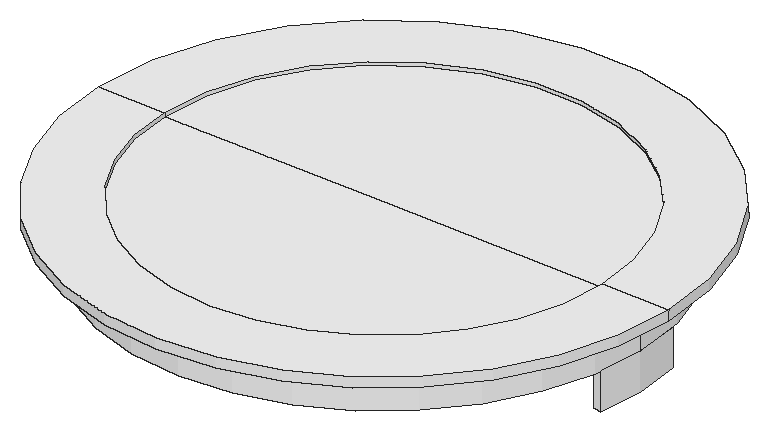
Revit family "0053895 Sylvania Lighting Fixture START eco Downlight Flat 1000lm 840 DIM", category Lighting Fixtures, host Face, Revit 2016
Family settings
  Host = Face
  Part Type = Normal
  Round Connector Dimension = Use Diameter
  OmniClass Number = 23.80.70.11.14.11
  OmniClass Title = Downlights
  Cut with Voids When Loaded = No
  Light Source = Yes
  Shared = No
  Room Calculation Point = No
Parameters (values of type "0053895 START eco Downlight Flat 1000lm 840 DIM ")
  Weight = "6.912 kg"
  Wattage Comments = "n/a"
  Wattage = 13 W
  WarrantyStartDate [instance] = "n/a"
  WarrantyGuarantorParts = "n/a"
  WarrantyDurationUnit = "year"
  WarrantyDurationParts = "n/a"
  WarrantyDescription = "n/a"
  built-in parameter 1150110 = 1 (stored number, unit not read)
  Voltage = 230 V
  URL = "http://www.feilosylvania.com"
  TypeName = "START eco Downlight Flat 1000lm 840 DIM"
  Type Image = <None>
  Type Comments = "n/a"
  built-in parameter 1114217 = 1 (stored number, unit not read)
  Tilt Angle = -90.00°
  built-in parameter 1150109 = 1 (stored number, unit not read)
  built-in parameter 1150134 = 12
  built-in parameter 1150113 = 1 (stored number, unit not read)
  SpringMountStartAngle_FEILO = -SpringMountEndAngle_FEILO  # -10.00°
  SpringMountEndAngle_FEILO = 10.00°
  SerialNumber [instance] = "n/a"
  ReflectorMaterial = none
  RecessedHeight_FEILO = 22 mm
  RecessedDiameter_FEILO = 155 mm
  PowerFactor = 0
  PowerConsumption = "13 W"
  Photometric Web File = "0053313.ies"
  NominalLength = 172 mm
  NominalHeight = 22 mm
  NominalDepth = 172 mm
  Name = "START eco Downlight Flat 1000lm 840 DIM"
  ModelReference = Name  # "START eco Downlight Flat 1000lm 840 DIM"
  ModelNumber = "0053895"
  Model = Name  # "START eco Downlight Flat 1000lm 840 DIM"
  Material = "Aluminium"
  ManufacturerName = "Feilo Sylvania"
  Manufacturer = "Feilo Sylvania"
  LuminousEfficacy = "91.54 lm/W"
  built-in parameter 1150105 = 94.699 (stored number, unit not read)
  Lumens = 1190.02 lm
  LuminaireType = "LED recessed downlight"
  built-in parameter 1150115 = 1 (stored number, unit not read)
  LightOutputRatio = "1"
  built-in parameter 1150137 = (empty or 0)
  built-in parameter 1150139 = (empty or 0)
  LampsType = Lamp  # "LED"
  LampNominalLuminous = "1190 lm"
  LampMacAdamStep = "n/a"
  LampColourTemperature = "4000 K"
  LampColourRenderingIndex = "80"
  built-in parameter 1150112 = 1 (stored number, unit not read)
  built-in parameter 1150114 = 1 (stored number, unit not read)
  Lamp = "LED"
  Keynote = "16500"
  InstallationDate [instance] = "n/a"
  InputVoltage = "220-240V~"
  InputNominalFrequency = "50/60 Hz"
  built-in parameter 1150132 = (empty or 0)
  built-in parameter 1150102 = (empty or 0)
  built-in parameter 1150107 = 4000 (stored number, unit not read)
  built-in parameter 1150138 = (empty or 0)
  IngressProtection = "IP44"
  ImpactProtectionIndex = "IK06"
  built-in parameter 1150106 = 0.94699 (stored number, unit not read)
  IfcExportType = "IfcLightFixtureType"
  IfcExportAs = "IfcLightFixtureType"
  ExpectedLife = 50000
  Emit from Circle Diameter = 132 mm
  Emit Shape Visible in Rendering = no
  ElectricShockClassification = "Class II"
  built-in parameter 1150104 = 8.5043 (stored number, unit not read)
  DurationUnit = "hours"
  DocumentationLiterature = "http://www.feilosylvania.com/product/en-int/products/0053313"
  DimmingControlOptions = "Dimmable"
  Dimming Lamp Color Temperature Shift = <None>
  DiffuserMaterial = Diffuser-Sylvania-Glow
  Description = "Integrated LED recessed downlight providing 1190 fixture lumens at a wattage of 13W giving a high efficacy of 92lm/W. Fitting includes Leading/Trailing edge phase dimmable driver and has a round ceiling cut out of 155mm with an IP20 and IK02 rating providing uniform distribution with an Opal diffuser and 110° beam angle. Provided including a Loop in Loop out box and built Built white aluminium housing."
  Default Elevation = 1219.2 mm
  CutoutHeight_FEILO = RecessedHeight_FEILO + 10 mm  # 32 mm
  CreatedOn = "'03-11-2017"
  CreatedBy = "aron.fodor@feilosylvania.com"
  Cost = 0
  Color Filter = 16777215
  built-in parameter 1114216 [instance] = (empty or 0)
  ClassificationValue = "EF_70_80"
  ClassificationName = "Uniclass2015"
  BodyWidth_FEILO = 172 mm
  BodyMaterial = Body-Sylvania-SylFlatDimmable-White
  BodyLength_FEILO = 172 mm
  BodyHeight_FEILO = 11 mm
  BarCode [instance] = "n/a"
  built-in parameter 1114218 = 1 (stored number, unit not read)
  built-in parameter 1150133 = 10 (stored number, unit not read)
  AssetType = "Fixed"
  AssetIdentifier [instance] = "n/a"
  Assembly Code = "D5020200"
  Apparent Load = 0 VA
  AccessoryMaterial = Diffuser-Sylvania-Glow
Reference planes
  plane 1 "Center (Front/Back)": y = 0
  plane 2: z = 0
  plane 3 "Center (Left/Right)": x = 0
  plane 4: x = 86
  plane 5: x = -86
  plane 6: y = 86
  plane 7: y = -86
  plane 8: z = 3
  plane 9: z = -22
  plane 10: x = 77.5
  plane 11: x = -77.5
  plane 12: y = 77.5
  plane 13: y = -77.5
  plane 14: z = 2
  plane 15: x = -66
  plane 16: z = -11
  plane 17: x = -75
  plane 18: x = 75
  plane 19: z = -32
Forms (mm)
  Revolve 1, solid, material "Body-Sylvania-SylFlatDimmable-White" <- "BodyMaterial"
    sketch origin (0, 0, 0) x (1, 0, 0) y (0, 0, 1)
      loop
        line (0, -11) -> (0, 2) -> (-66, 2) -> (-66, 3) -> (-86, 3) -> (-86, 0) -> (-77.5, 0) -> (-77.5, -11) -> (0, -11)
      axis (0, 3) -> (0, -11)
    angle from 360 to 0
  Revolve 2, solid, material "Body-Sylvania-SylFlatDimmable-White" <- "BodyMaterial"
    sketch origin (0.654, 0, 0) x (1, 0, 0) y (0, 0, 1)
      loop
        line (-78.154, -11) -> (-78.154, -22) -> (-75.654, -22) -> (-75.654, -11) -> (-78.154, -11)
      axis (-0.654, -11) -> (-0.654, -22)
    angle from -10 <- "SpringMountStartAngle_FEILO" to 10 <- "SpringMountEndAngle_FEILO"
  Revolve 3, solid, material "Body-Sylvania-SylFlatDimmable-White" <- "BodyMaterial"
    sketch origin (0, 0, 0) x (1, 0, 0) y (0, 0, 1)
      loop
        line (77.5, -11) -> (75, -11) -> (75, -22) -> (77.5, -22) -> (77.5, -11)
      axis (0, -11) -> (0, -22)
    angle from -10 <- "SpringMountStartAngle_FEILO" to 10 <- "SpringMountEndAngle_FEILO"
  Revolve 4, void
    sketch origin (0, 0, 0) x (1, 0, 0) y (0, 0, 1)
      loop
        line (0, 0) -> (-77.5, 0) -> (-77.5, -32) -> (0, -32) -> (0, 0)
      axis (0, 0) -> (0, -32)
    angle from 360 to 0
Cuts and joins
  joined: Revolve 1, Revolve 2, Revolve 3
Dimensions and locks
  equal spacing: plane 5, plane 3 "Center (Left/Right)", plane 4
  equal spacing: plane 7, plane 1 "Center (Front/Back)", plane 6
  "BodyWidth_FEILO": plane 7 to plane 6
  "BodyLength_FEILO": plane 5 to plane 4
  "RecessedHeight_FEILO": plane 2 to plane 9
  locked: plane 8 to plane 2 at 3
  equal spacing: plane 11, plane 3 "Center (Left/Right)", plane 10
  "RecessedDiameter_FEILO": plane 11 to plane 10
  equal spacing: plane 13, plane 1 "Center (Front/Back)", plane 12
  "RecessedDiameter_FEILO": plane 13 to plane 12
  locked: plane 14 to plane 2 at 2
  locked: plane 15 to plane 5 at 20
  "BodyHeight_FEILO": plane 2 to plane 16
  equal spacing: plane 18, plane 3 "Center (Left/Right)", plane 17
  locked: plane 17 to plane 11 at 2.5
  "CutoutHeight_FEILO": plane 2 to plane 19
  aligned and locked: plane 2 to host face
  aligned and locked: level to host face
  aligned and locked: plane 3 "Center (Left/Right)" to Revolve 1 sketch curve
  aligned and locked: Revolve 1 sketch curve to plane 14
  aligned and locked: plane 15 to Revolve 1 sketch curve
  aligned and locked: Revolve 1 sketch curve to plane 8
  aligned and locked: Revolve 1 sketch curve to plane 5
  aligned and locked: Revolve 1 sketch curve to plane 11
  aligned and locked: Revolve 1 sketch curve to plane 3 "Center (Left/Right)"
  aligned and locked: Revolve 1 sketch curve to level
  aligned and locked: plane 16 to Revolve 1 sketch curve
  aligned and locked: Revolve 2 sketch curve to Revolve 1  (x2)
  aligned and locked: Revolve 2 sketch curve to plane 9
  aligned and locked: Revolve 2 sketch curve to plane 17
  aligned and locked: Revolve 2 sketch curve to plane 3 "Center (Left/Right)"
  aligned and locked: Revolve 3 sketch curve to plane 3 "Center (Left/Right)"
  aligned and locked: Revolve 3 sketch curve to Revolve 1  (x2)
  aligned and locked: plane 9 to Revolve 3 sketch curve
  aligned and locked: Revolve 3 sketch curve to plane 18
  aligned and locked: Revolve 4 sketch curve to plane 3 "Center (Left/Right)"
  aligned and locked: plane 19 to Revolve 4 sketch curve
  aligned and locked: plane 3 "Center (Left/Right)" to Revolve 4 sketch curve
  aligned and locked: Revolve 4 sketch curve to plane 11
  aligned and locked: level to Revolve 4 sketch curve
  aligned and locked: imposter light to plane 14
  aligned and locked: plane 3 "Center (Left/Right)" to imposter light
  aligned and locked: imposter light to plane 1 "Center (Front/Back)"
Automatic sketch dimensions
  host sketch curve to host sketch curve = 2438.4 mm  (x2)
  plane 9 to Revolve 1 sketch curve = 587.6 mm
  Revolve 1 sketch curve to plane 8 = 2606.058 mm
  plane 9 to Revolve 2 sketch curve = 587.6 mm
  Revolve 2 sketch curve to plane 8 = 2606.058 mm
  plane 9 to Revolve 3 sketch curve = 587.6 mm
  Revolve 3 sketch curve to plane 8 = 2606.058 mm
  plane 19 to Revolve 4 sketch curve = 577.6 mm
  Revolve 4 sketch curve to plane 8 = 2606.058 mm
Connectors
  electrical at (0, 0, 0), driven by "Apparent Load", driven by "PowerFactor", driven by "Voltage"
    settings: index 1, voltage 230 V, apparent load 0 VA, apparent load phase1 0 VA, apparent load phase2 0 VA, apparent load phase3 0 VA, power factor 0, load classification "Lighting", number of poles 1, system type 30, power factor state 1, is connector primary yes, connector utility no, sub classification motor no, connector description ""
